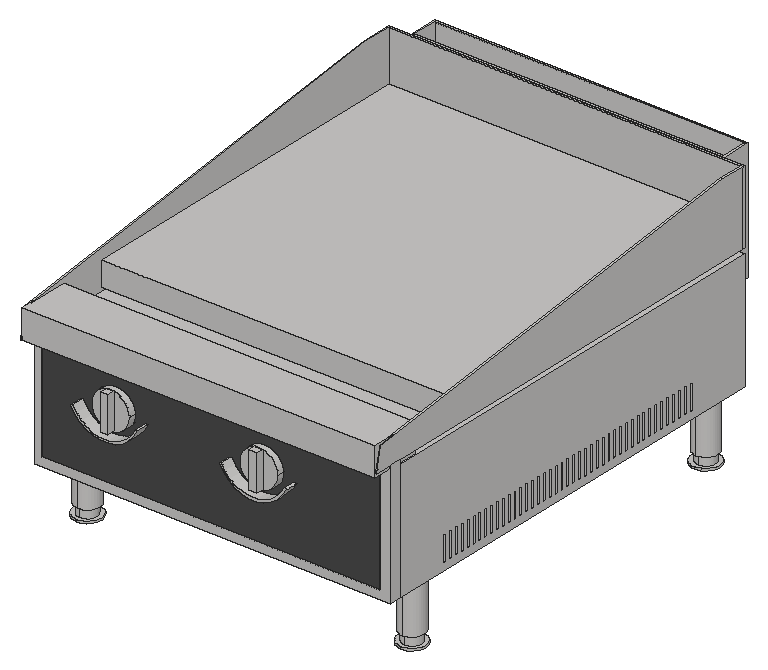
Revit family "QF_Vollrath_924GGM", category Specialty Equipment, Revit 2016
Family settings
  Part Type = Normal
  Round Connector Dimension = Use Diameter
  OmniClass Number = 23.40.40.14.17.21
  OmniClass Title = Grills
  Work Plane-Based = No
  Always vertical = Yes
  Cut with Voids When Loaded = No
  Shared = No
  Room Calculation Point = No
Parameters (values of type "924GGM")
  Width = 24.00"
  Weight in Pounds = 350
  Watermarked By = "http://revitwatermark.com"
  URL Cutsheet = ""
  URL = ""
  Status [instance] = ""
  Specification by User [instance] = ""
  Specification by Manufacturer [instance] = ""
  Serial Number [instance] = ""
  Seismic Rating [instance] = ""
  Revision Code [instance] = ""
  NAFEM Spec ID Number [instance] = ""
  Model = "924GGM"
  Mechanical Remarks [instance] = ""
  Mechanical Connection Type [instance] = ""
  Masterspec [instance] = ""
  Manufacturer = "Vollrath"
  Length = 31.00"
  Item Number [instance] = "-"
  Installed By [instance] = ""
  Height AFF [instance] = 36.00"
  Gas Size = 3/4"
  Gas RI Height [instance] = 0.00"
  Gas Input = 60000.0 Btu/h
  Gas Connection Height [instance] = Height AFF + 5.375"  # 41.375"
  Furnished By [instance] = ""
  Foodservice Equipment Identifier [instance] = yes
  Description = "Heavy-Duty Flat Top Gas Griddle"
  CSI MasterFormat = "11 44 00"
  Assembly Code = "E1090320"
Reference planes (in)
  plane 1: z = 0
  plane 2 "BOTTOM": z = 36
  plane 3 "LEFT CLEARANCE": x = -30.72076
  plane 4 "RIGHT CLEARANCE": x = 5.27924
  plane 5 "BACK CLEARANCE": y = 6
  plane 6 "Top of Legs": z = 40
  plane 7 "LEFT": x = -24.72076
  plane 8 "RIGHT": x = -0.72076
  plane 9 "BACK": y = 0
  plane 10: z = 39.75
  plane 11: z = 39.5
  plane 12: z = 41.5
  plane 13: y = -0.125
  plane 14: x = -24.59576
  plane 15 "Grease Trap": z = 48.375
  plane 16 "TOP": z = 53.375
  plane 17: y = -54.1
  plane 18: z = 37.04079
  plane 19: y = 1.5
  plane 20: z = 45.245
  plane 21: z = 45.4179
  plane 22: z = 50
  plane 23 "FRONT": y = -33
  plane 24: y = -29.62
  plane 25: y = -26.37
  plane 26: x = -0.84576
  plane 27: x = -1.46829
  plane 28: x = -2.0635
  plane 29: x = -2.0635
  plane 30: x = -12.72076
  plane 31: x = -12.72076
  plane 32: x = -6.22076
  plane 33: x = -24.59576
Forms (in)
  Extrusion 1, solid, material "QF_Finishes_Stainless Steel"
    sketch origin (0, -2, 36) x (0, 1, 0) y (-1, 0, 0)
      loop
        circle (-2, 23.59576) r 0.9375
    from 0 to 0.125
  Extrusion 2, solid, material "QF_Finishes_Stainless Steel"
    sketch origin (0, -2, 36) x (0, 1, 0) y (-1, 0, 0)
      loop
        circle (-2, 23.59576) r 0.625
    from 0.125 to 0.75
  Extrusion 3, solid, material "QF_Finishes_Stainless Steel"
    sketch origin (0, -2, 36) x (0, 1, 0) y (-1, 0, 0)
      loop
        circle (-2, 23.59576) r 0.8125
    from 0.75 to 4
  Extrusion 4, solid, material "QF_Finishes_Stainless Steel"
    sketch origin (33.375, -2, 36) x (0, 1, 0) y (-1, 0, 0)
      loop
        circle (-2, 35.09576) r 0.9375
    from 0 to 0.125
  Extrusion 5, solid, material "QF_Finishes_Stainless Steel"
    sketch origin (33.375, -2, 36) x (0, 1, 0) y (-1, 0, 0)
      loop
        circle (-2, 35.09576) r 0.625
    from 0.125 to 0.75
  Extrusion 6, solid, material "QF_Finishes_Stainless Steel"
    sketch origin (33.375, -2, 36) x (0, 1, 0) y (-1, 0, 0)
      loop
        circle (-2, 35.09576) r 0.8125
    from 0.75 to 4
  Extrusion 7, solid, material "QF_Finishes_Stainless Steel"
    sketch origin (33.375, -27.75, 36) x (0, 1, 0) y (-1, 0, 0)
      loop
        circle (-1, 35.09576) r 0.9375
    from 0 to 0.125
  Extrusion 8, solid, material "QF_Finishes_Stainless Steel"
    sketch origin (33.375, -27.75, 36) x (0, 1, 0) y (-1, 0, 0)
      loop
        circle (-1, 35.09576) r 0.625
    from 0.125 to 0.75
  Extrusion 9, solid, material "QF_Finishes_Stainless Steel"
    sketch origin (33.375, -27.75, 36) x (0, 1, 0) y (-1, 0, 0)
      loop
        circle (-1, 35.09576) r 0.8125
    from 0.75 to 4
  Extrusion 10, solid, material "QF_Finishes_Stainless Steel"
    sketch origin (0, -27.75, 36) x (0, 1, 0) y (-1, 0, 0)
      loop
        circle (-1, 23.59576) r 0.9375
    from 0 to 0.125
  Extrusion 11, solid, material "QF_Finishes_Stainless Steel"
    sketch origin (0, -27.75, 36) x (0, 1, 0) y (-1, 0, 0)
      loop
        circle (-1, 23.59576) r 0.625
    from 0.125 to 0.75
  Extrusion 12, solid, material "QF_Finishes_Stainless Steel"
    sketch origin (0, -27.75, 36) x (0, 1, 0) y (-1, 0, 0)
      loop
        circle (-1, 23.59576) r 0.8125
    from 0.75 to 4
  Extrusion 13, solid, material "QF_Finishes_Stainless Steel"
    sketch origin (0, -2, 36) x (0, 1, 0) y (-1, 0, 0)
      loop
        line (0, 24.72076) -> (-29.04599, 24.72076) -> (-29.04599, 0.72076) -> (0, 0.72076) -> (0, 24.72076)
    from 4 to 12.06
  Extrusion 14, solid, material "QF_Finishes_Black"
    sketch origin (0, -2, 0) x (1, 0, 0) y (0, 0, 1)
      loop
        line (-21.72076, 40) -> (-21.72076, 39.75) -> (-14.42076, 39.75) -> (-14.42076, 40) -> (-21.72076, 40)
    from 20.18353 to 29.04599
  Extrusion 15, solid, material "QF_Finishes_Black"
    sketch origin (0, -2, 0) x (1, 0, 0) y (0, 0, 1)
      loop
        line (-21.72076, 39.75) -> (-21.72076, 39.5) -> (-14.42076, 39.5) -> (-14.42076, 39.75) -> (-21.72076, 39.75)
    from 20.18353 to 29.04599
  Extrusion 16, solid, material "QF_Finishes_Clearances", detail levels coarse
    sketch origin (0, 0, 36) x (0, 1, 0) y (-1, 0, 0)
      loop
        line (6, 30.72076) -> (-33, 30.72076) -> (-33, 24.72076) -> (6, 24.72076) -> (6, 30.72076)
    from 0 to 17.375
  Extrusion 17, solid, material "QF_Finishes_Clearances", detail levels coarse
    sketch origin (0, 0, 36) x (0, 1, 0) y (-1, 0, 0)
      loop
        line (6, 0.72076) -> (-33, 0.72076) -> (-33, -5.27924) -> (6, -5.27924) -> (6, 0.72076)
    from 0 to 17.375
  Extrusion 18, solid, material "QF_Finishes_Clearances", detail levels coarse
    sketch origin (0, 0, 36) x (0, 1, 0) y (-1, 0, 0)
      loop
        line (6, 24.72076) -> (0, 24.72076) -> (0, 0.72076) -> (6, 0.72076) -> (6, 24.72076)
    from 0 to 17.375
  Extrusion 19, solid, material "QF_Finishes_Stainless Steel"
    sketch origin (15.31103, -2, 0) x (1, 0, 0) y (0, 0, 1)
      loop
        circle (-21.53179, 41.5) r 0.375
    from -1.5 to 0
  Extrusion 20, solid, material "QF_Finishes_Stainless Steel"
    sketch origin (-36.59576, -2, 0) x (0, 1, 0) y (0, 0, 1)
      loop
        line (-30.61071, 49.91902) -> (-31.00644, 48.06) -> (0, 48.06) -> (0, 53.375) -> (-2.02013, 53.375) -> (-30.61071, 49.91902)
    from 11.875 to 12
  Extrusion 21, solid, material "QF_Finishes_Stainless Steel"
    sketch origin (-24.72076, -2, 0) x (0, 1, 0) y (0, 0, 1)
      loop
        line (-27.62, 48.06) -> (-27.62, 50) -> (-31, 50) -> (-31, 48.06) -> (-27.62, 48.06)
    from 0.125 to 23.875
  Extrusion 22, solid, material "QF_Finishes_Stainless Steel"
    sketch origin (0, -2, 0) x (1, 0, 0) y (0, 0, 1)
      loop
        line (-24.72076, 48.375) -> (-24.72076, 40) -> (-0.72076, 40) -> (-0.72076, 48.375) -> (-24.72076, 48.375)
      loop
        line (-24.21829, 47.84318) -> (-24.21829, 40.59949) -> (-1.46829, 40.59949) -> (-1.46829, 47.84318) -> (-24.21829, 47.84318)
    from 29.04599 to 29.79599
  Extrusion 23, solid, material "QF_Finishes_Stainless Steel"
    sketch origin (-12.72076, -2, 0) x (0, 1, 0) y (0, 0, 1)
      loop
        line (-30.61026, 49.89567) -> (-31, 48.375) -> (0, 48.375) -> (0, 53.375) -> (-1.85356, 53.375) -> (-30.61026, 49.89567)
    from 11.875 to 12
  Extrusion 24, solid, material "QF_Finishes_Stainless Steel"
    sketch origin (-24.72076, -2, 0) x (0, 1, 0) y (0, 0, 1)
      loop
        line (-0.125, 53.375) -> (-0.125, 48.375) -> (0, 48.375) -> (0, 53.375) -> (-0.125, 53.375)
    from 0 to 24
  Extrusion 25, solid, material "QF_Finishes_Black"
    sketch origin (0, -2, 0) x (1, 0, 0) y (0, 0, 1)
      loop
        line (-24.21829, 47.84318) -> (-24.21829, 40.59949) -> (-1.46829, 40.59949) -> (-1.46829, 47.84318) -> (-24.21829, 47.84318)
      loop
        circle (-19.29502, 45.36279) r 1.25
      loop
        circle (-9.29502, 45.36279) r 1.25
    from 29.04599 to 29.79599
  Extrusion 26, void
    sketch origin (-24.72076, -2, 0) x (0, 1, 0) y (0, 0, 1)
      loop
        line (-25.39258, 42.24738) -> (-25.39258, 40.49738) -> (-25.14258, 40.49738) -> (-25.14258, 42.24738) -> (-25.39258, 42.24738)
      loop
        line (-24.89258, 42.24738) -> (-24.89258, 40.49738) -> (-24.64258, 40.49738) -> (-24.64258, 42.24738) -> (-24.89258, 42.24738)
      loop
        line (-24.39258, 42.24738) -> (-24.39258, 40.49738) -> (-24.14258, 40.49738) -> (-24.14258, 42.24738) -> (-24.39258, 42.24738)
      loop
        line (-23.89258, 42.24738) -> (-23.89258, 40.49738) -> (-23.64258, 40.49738) -> (-23.64258, 42.24738) -> (-23.89258, 42.24738)
      loop
        line (-23.39258, 42.24738) -> (-23.39258, 40.49738) -> (-23.14258, 40.49738) -> (-23.14258, 42.24738) -> (-23.39258, 42.24738)
      loop
        line (-22.89258, 42.24738) -> (-22.89258, 40.49738) -> (-22.64258, 40.49738) -> (-22.64258, 42.24738) -> (-22.89258, 42.24738)
      loop
        line (-22.43353, 42.24738) -> (-22.43353, 40.49738) -> (-22.18353, 40.49738) -> (-22.18353, 42.24738) -> (-22.43353, 42.24738)
      loop
        line (-21.93353, 42.24738) -> (-21.93353, 40.49738) -> (-21.68353, 40.49738) -> (-21.68353, 42.24738) -> (-21.93353, 42.24738)
      loop
        line (-21.43353, 42.24738) -> (-21.43353, 40.49738) -> (-21.18353, 40.49738) -> (-21.18353, 42.24738) -> (-21.43353, 42.24738)
      loop
        line (-20.93353, 42.24738) -> (-20.93353, 40.49738) -> (-20.68353, 40.49738) -> (-20.68353, 42.24738) -> (-20.93353, 42.24738)
      loop
        line (-20.43353, 42.24738) -> (-20.43353, 40.49738) -> (-20.18353, 40.49738) -> (-20.18353, 42.24738) -> (-20.43353, 42.24738)
      loop
        line (-19.93353, 42.24738) -> (-19.93353, 40.49738) -> (-19.68353, 40.49738) -> (-19.68353, 42.24738) -> (-19.93353, 42.24738)
      loop
        line (-19.47447, 42.24738) -> (-19.47447, 40.49738) -> (-19.22447, 40.49738) -> (-19.22447, 42.24738) -> (-19.47447, 42.24738)
      loop
        line (-18.97447, 42.24738) -> (-18.97447, 40.49738) -> (-18.72447, 40.49738) -> (-18.72447, 42.24738) -> (-18.97447, 42.24738)
      loop
        line (-18.47447, 42.24738) -> (-18.47447, 40.49738) -> (-18.22447, 40.49738) -> (-18.22447, 42.24738) -> (-18.47447, 42.24738)
      loop
        line (-17.97447, 42.24738) -> (-17.97447, 40.49738) -> (-17.72447, 40.49738) -> (-17.72447, 42.24738) -> (-17.97447, 42.24738)
      loop
        line (-17.47447, 42.24738) -> (-17.47447, 40.49738) -> (-17.22447, 40.49738) -> (-17.22447, 42.24738) -> (-17.47447, 42.24738)
      loop
        line (-16.97447, 42.24738) -> (-16.97447, 40.49738) -> (-16.72447, 40.49738) -> (-16.72447, 42.24738) -> (-16.97447, 42.24738)
      loop
        line (-16.51542, 42.24738) -> (-16.51542, 40.49738) -> (-16.26542, 40.49738) -> (-16.26542, 42.24738) -> (-16.51542, 42.24738)
      loop
        line (-16.01542, 42.24738) -> (-16.01542, 40.49738) -> (-15.76542, 40.49738) -> (-15.76542, 42.24738) -> (-16.01542, 42.24738)
      loop
        line (-15.51542, 42.24738) -> (-15.51542, 40.49738) -> (-15.26542, 40.49738) -> (-15.26542, 42.24738) -> (-15.51542, 42.24738)
      loop
        line (-15.01542, 42.24738) -> (-15.01542, 40.49738) -> (-14.76542, 40.49738) -> (-14.76542, 42.24738) -> (-15.01542, 42.24738)
      loop
        line (-14.51542, 42.24738) -> (-14.51542, 40.49738) -> (-14.26542, 40.49738) -> (-14.26542, 42.24738) -> (-14.51542, 42.24738)
      loop
        line (-14.01542, 42.24738) -> (-14.01542, 40.49738) -> (-13.76542, 40.49738) -> (-13.76542, 42.24738) -> (-14.01542, 42.24738)
      loop
        line (-13.55636, 42.24738) -> (-13.55636, 40.49738) -> (-13.30636, 40.49738) -> (-13.30636, 42.24738) -> (-13.55636, 42.24738)
      loop
        line (-13.05636, 42.24738) -> (-13.05636, 40.49738) -> (-12.80636, 40.49738) -> (-12.80636, 42.24738) -> (-13.05636, 42.24738)
      loop
        line (-12.55636, 42.24738) -> (-12.55636, 40.49738) -> (-12.30636, 40.49738) -> (-12.30636, 42.24738) -> (-12.55636, 42.24738)
      loop
        line (-12.05636, 42.24738) -> (-12.05636, 40.49738) -> (-11.80636, 40.49738) -> (-11.80636, 42.24738) -> (-12.05636, 42.24738)
      loop
        line (-11.55636, 42.24738) -> (-11.55636, 40.49738) -> (-11.30636, 40.49738) -> (-11.30636, 42.24738) -> (-11.55636, 42.24738)
      loop
        line (-11.05636, 42.24738) -> (-11.05636, 40.49738) -> (-10.80636, 40.49738) -> (-10.80636, 42.24738) -> (-11.05636, 42.24738)
      loop
        line (-10.59731, 42.24738) -> (-10.59731, 40.49738) -> (-10.34731, 40.49738) -> (-10.34731, 42.24738) -> (-10.59731, 42.24738)
      loop
        line (-10.09731, 42.24738) -> (-10.09731, 40.49738) -> (-9.84731, 40.49738) -> (-9.84731, 42.24738) -> (-10.09731, 42.24738)
      loop
        line (-9.59731, 42.24738) -> (-9.59731, 40.49738) -> (-9.34731, 40.49738) -> (-9.34731, 42.24738) -> (-9.59731, 42.24738)
      loop
        line (-9.09731, 42.24738) -> (-9.09731, 40.49738) -> (-8.84731, 40.49738) -> (-8.84731, 42.24738) -> (-9.09731, 42.24738)
      loop
        line (-8.63825, 42.24738) -> (-8.63825, 40.49738) -> (-8.38825, 40.49738) -> (-8.38825, 42.24738) -> (-8.63825, 42.24738)
      loop
        line (-8.13825, 42.24738) -> (-8.13825, 40.49738) -> (-7.88825, 40.49738) -> (-7.88825, 42.24738) -> (-8.13825, 42.24738)
      loop
        line (-7.63825, 42.24738) -> (-7.63825, 40.49738) -> (-7.38825, 40.49738) -> (-7.38825, 42.24738) -> (-7.63825, 42.24738)
      loop
        line (-7.13825, 42.24738) -> (-7.13825, 40.49738) -> (-6.88825, 40.49738) -> (-6.88825, 42.24738) -> (-7.13825, 42.24738)
      loop
        line (-6.63825, 42.24738) -> (-6.63825, 40.49738) -> (-6.38825, 40.49738) -> (-6.38825, 42.24738) -> (-6.63825, 42.24738)
      loop
        line (-6.13825, 42.24738) -> (-6.13825, 40.49738) -> (-5.88825, 40.49738) -> (-5.88825, 42.24738) -> (-6.13825, 42.24738)
      loop
        line (-5.63825, 42.24738) -> (-5.63825, 40.49738) -> (-5.38825, 40.49738) -> (-5.38825, 42.24738) -> (-5.63825, 42.24738)
      loop
        line (-5.13825, 42.24738) -> (-5.13825, 40.49738) -> (-4.88825, 40.49738) -> (-4.88825, 42.24738) -> (-5.13825, 42.24738)
      loop
        line (-4.63825, 42.24738) -> (-4.63825, 40.49738) -> (-4.38825, 40.49738) -> (-4.38825, 42.24738) -> (-4.63825, 42.24738)
    from 23.67052 to 24
  Extrusion 27, void
    sketch origin (-48.47076, -2, 0) x (0, 1, 0) y (0, 0, 1)
      loop
        line (-25.39258, 42.24738) -> (-25.39258, 40.49738) -> (-25.14258, 40.49738) -> (-25.14258, 42.24738) -> (-25.39258, 42.24738)
      loop
        line (-24.89258, 42.24738) -> (-24.89258, 40.49738) -> (-24.64258, 40.49738) -> (-24.64258, 42.24738) -> (-24.89258, 42.24738)
      loop
        line (-24.39258, 42.24738) -> (-24.39258, 40.49738) -> (-24.14258, 40.49738) -> (-24.14258, 42.24738) -> (-24.39258, 42.24738)
      loop
        line (-23.89258, 42.24738) -> (-23.89258, 40.49738) -> (-23.64258, 40.49738) -> (-23.64258, 42.24738) -> (-23.89258, 42.24738)
      loop
        line (-23.39258, 42.24738) -> (-23.39258, 40.49738) -> (-23.14258, 40.49738) -> (-23.14258, 42.24738) -> (-23.39258, 42.24738)
      loop
        line (-22.89258, 42.24738) -> (-22.89258, 40.49738) -> (-22.64258, 40.49738) -> (-22.64258, 42.24738) -> (-22.89258, 42.24738)
      loop
        line (-22.43353, 42.24738) -> (-22.43353, 40.49738) -> (-22.18353, 40.49738) -> (-22.18353, 42.24738) -> (-22.43353, 42.24738)
      loop
        line (-21.93353, 42.24738) -> (-21.93353, 40.49738) -> (-21.68353, 40.49738) -> (-21.68353, 42.24738) -> (-21.93353, 42.24738)
      loop
        line (-21.43353, 42.24738) -> (-21.43353, 40.49738) -> (-21.18353, 40.49738) -> (-21.18353, 42.24738) -> (-21.43353, 42.24738)
      loop
        line (-20.93353, 42.24738) -> (-20.93353, 40.49738) -> (-20.68353, 40.49738) -> (-20.68353, 42.24738) -> (-20.93353, 42.24738)
      loop
        line (-20.43353, 42.24738) -> (-20.43353, 40.49738) -> (-20.18353, 40.49738) -> (-20.18353, 42.24738) -> (-20.43353, 42.24738)
      loop
        line (-19.93353, 42.24738) -> (-19.93353, 40.49738) -> (-19.68353, 40.49738) -> (-19.68353, 42.24738) -> (-19.93353, 42.24738)
      loop
        line (-19.47447, 42.24738) -> (-19.47447, 40.49738) -> (-19.22447, 40.49738) -> (-19.22447, 42.24738) -> (-19.47447, 42.24738)
      loop
        line (-18.97447, 42.24738) -> (-18.97447, 40.49738) -> (-18.72447, 40.49738) -> (-18.72447, 42.24738) -> (-18.97447, 42.24738)
      loop
        line (-18.47447, 42.24738) -> (-18.47447, 40.49738) -> (-18.22447, 40.49738) -> (-18.22447, 42.24738) -> (-18.47447, 42.24738)
      loop
        line (-17.97447, 42.24738) -> (-17.97447, 40.49738) -> (-17.72447, 40.49738) -> (-17.72447, 42.24738) -> (-17.97447, 42.24738)
      loop
        line (-17.47447, 42.24738) -> (-17.47447, 40.49738) -> (-17.22447, 40.49738) -> (-17.22447, 42.24738) -> (-17.47447, 42.24738)
      loop
        line (-16.97447, 42.24738) -> (-16.97447, 40.49738) -> (-16.72447, 40.49738) -> (-16.72447, 42.24738) -> (-16.97447, 42.24738)
      loop
        line (-16.51542, 42.24738) -> (-16.51542, 40.49738) -> (-16.26542, 40.49738) -> (-16.26542, 42.24738) -> (-16.51542, 42.24738)
      loop
        line (-16.01542, 42.24738) -> (-16.01542, 40.49738) -> (-15.76542, 40.49738) -> (-15.76542, 42.24738) -> (-16.01542, 42.24738)
      loop
        line (-15.51542, 42.24738) -> (-15.51542, 40.49738) -> (-15.26542, 40.49738) -> (-15.26542, 42.24738) -> (-15.51542, 42.24738)
      loop
        line (-15.01542, 42.24738) -> (-15.01542, 40.49738) -> (-14.76542, 40.49738) -> (-14.76542, 42.24738) -> (-15.01542, 42.24738)
      loop
        line (-14.51542, 42.24738) -> (-14.51542, 40.49738) -> (-14.26542, 40.49738) -> (-14.26542, 42.24738) -> (-14.51542, 42.24738)
      loop
        line (-14.01542, 42.24738) -> (-14.01542, 40.49738) -> (-13.76542, 40.49738) -> (-13.76542, 42.24738) -> (-14.01542, 42.24738)
      loop
        line (-13.55636, 42.24738) -> (-13.55636, 40.49738) -> (-13.30636, 40.49738) -> (-13.30636, 42.24738) -> (-13.55636, 42.24738)
      loop
        line (-13.05636, 42.24738) -> (-13.05636, 40.49738) -> (-12.80636, 40.49738) -> (-12.80636, 42.24738) -> (-13.05636, 42.24738)
      loop
        line (-12.55636, 42.24738) -> (-12.55636, 40.49738) -> (-12.30636, 40.49738) -> (-12.30636, 42.24738) -> (-12.55636, 42.24738)
      loop
        line (-12.05636, 42.24738) -> (-12.05636, 40.49738) -> (-11.80636, 40.49738) -> (-11.80636, 42.24738) -> (-12.05636, 42.24738)
      loop
        line (-11.55636, 42.24738) -> (-11.55636, 40.49738) -> (-11.30636, 40.49738) -> (-11.30636, 42.24738) -> (-11.55636, 42.24738)
      loop
        line (-11.05636, 42.24738) -> (-11.05636, 40.49738) -> (-10.80636, 40.49738) -> (-10.80636, 42.24738) -> (-11.05636, 42.24738)
      loop
        line (-10.59731, 42.24738) -> (-10.59731, 40.49738) -> (-10.34731, 40.49738) -> (-10.34731, 42.24738) -> (-10.59731, 42.24738)
      loop
        line (-10.13825, 42.24738) -> (-10.13825, 40.49738) -> (-9.88825, 40.49738) -> (-9.88825, 42.24738) -> (-10.13825, 42.24738)
      loop
        line (-9.63825, 42.24738) -> (-9.63825, 40.49738) -> (-9.38825, 40.49738) -> (-9.38825, 42.24738) -> (-9.63825, 42.24738)
      loop
        line (-9.13825, 42.24738) -> (-9.13825, 40.49738) -> (-8.88825, 40.49738) -> (-8.88825, 42.24738) -> (-9.13825, 42.24738)
      loop
        line (-8.63825, 42.24738) -> (-8.63825, 40.49738) -> (-8.38825, 40.49738) -> (-8.38825, 42.24738) -> (-8.63825, 42.24738)
      loop
        line (-8.13825, 42.24738) -> (-8.13825, 40.49738) -> (-7.88825, 40.49738) -> (-7.88825, 42.24738) -> (-8.13825, 42.24738)
      loop
        line (-7.63825, 42.24738) -> (-7.63825, 40.49738) -> (-7.38825, 40.49738) -> (-7.38825, 42.24738) -> (-7.63825, 42.24738)
      loop
        line (-7.1792, 42.24738) -> (-7.1792, 40.49738) -> (-6.9292, 40.49738) -> (-6.9292, 42.24738) -> (-7.1792, 42.24738)
      loop
        line (-6.6792, 42.24738) -> (-6.6792, 40.49738) -> (-6.4292, 40.49738) -> (-6.4292, 42.24738) -> (-6.6792, 42.24738)
      loop
        line (-6.1792, 42.24738) -> (-6.1792, 40.49738) -> (-5.9292, 40.49738) -> (-5.9292, 42.24738) -> (-6.1792, 42.24738)
      loop
        line (-5.6792, 42.24738) -> (-5.6792, 40.49738) -> (-5.4292, 40.49738) -> (-5.4292, 42.24738) -> (-5.6792, 42.24738)
      loop
        line (-5.1792, 42.24738) -> (-5.1792, 40.49738) -> (-4.9292, 40.49738) -> (-4.9292, 42.24738) -> (-5.1792, 42.24738)
      loop
        line (-4.6792, 42.24738) -> (-4.6792, 40.49738) -> (-4.4292, 40.49738) -> (-4.4292, 42.24738) -> (-4.6792, 42.24738)
    from 23.67052 to 24
  Extrusion 28, solid, material "QF_Finishes_Stainless Steel"
    sketch origin (2.57168, -6, 0) x (1, 0, 0) y (0, 0, 1)
      loop
        circle (-21.79502, 45.36228) r 1.25
    from 25.04599 to 26.25
  Extrusion 29, solid, material "QF_Finishes_Stainless Steel"
    sketch origin (2.57168, -6, 0.03961) x (1, 0, 0) y (0, 0, 1)
      loop
        line (-22.04243, 46.57267) -> (-22.04243, 44.14715) -> (-21.60562, 44.14715) -> (-21.60562, 46.57267) -> (-22.04243, 46.57267)
    from 26.25 to 26.75
  Extrusion 30, solid, material "QF_Finishes_Stainless Steel"
    sketch origin (12.57168, -6, 0) x (1, 0, 0) y (0, 0, 1)
      loop
        circle (-21.79502, 45.36228) r 1.25
    from 25.04599 to 26.25
  Extrusion 31, solid, material "QF_Finishes_Stainless Steel"
    sketch origin (12.57168, -6, 0.03961) x (1, 0, 0) y (0, 0, 1)
      loop
        line (-22.10719, 46.57267) -> (-22.10719, 44.14715) -> (-21.55452, 44.14715) -> (-21.55452, 46.57267) -> (-22.10719, 46.57267)
    from 26.25 to 26.75
  Extrusion 32, solid, material "QF_Finishes_Stainless Steel", not visible
    sketch origin (0, 0, 0.25) x (1, 0, 0) y (0, 0, 1)
      loop
        circle (-24.02485, 46.05421) r 0.25
    from 0.125 to 25.04599
  Extrusion 33, solid, material "QF_Finishes_Stainless Steel", not visible
    sketch origin (0.8089, 0, 0.25) x (1, 0, 0) y (0, 0, 1)
      loop
        circle (-24.02485, 46.05421) r 0.25
    from 0.125 to 25.04599
  Extrusion 34, solid, material "QF_Finishes_Stainless Steel", not visible
    sketch origin (1.62977, 0, 0.25) x (1, 0, 0) y (0, 0, 1)
      loop
        circle (-24.02485, 46.05421) r 0.25
    from 0.24473 to 25.25
  Extrusion 35, solid, material "QF_Finishes_Stainless Steel", not visible
    sketch origin (2.43868, 0, 0.25) x (1, 0, 0) y (0, 0, 1)
      loop
        circle (-24.02485, 46.05421) r 0.25
    from 0.24473 to 25.04599
  Extrusion 36, solid, material "QF_Finishes_Stainless Steel", not visible
    sketch origin (3.25954, 0, 0.25) x (1, 0, 0) y (0, 0, 1)
      loop
        circle (-24.02485, 46.05421) r 0.25
    from 0.24473 to 25.04599
  Extrusion 37, solid, material "QF_Finishes_Stainless Steel", not visible
    sketch origin (4.06845, 0, 0.25) x (1, 0, 0) y (0, 0, 1)
      loop
        circle (-24.02485, 46.05421) r 0.25
    from 0.125 to 25.75
  Extrusion 38, solid, material "QF_Finishes_Stainless Steel", not visible
    sketch origin (4.88932, 0, 0.25) x (1, 0, 0) y (0, 0, 1)
      loop
        circle (-24.02485, 46.05421) r 0.25
    from 0.125 to 25.04599
  Extrusion 39, solid, material "QF_Finishes_Stainless Steel", not visible
    sketch origin (5.69822, 0, 0.25) x (1, 0, 0) y (0, 0, 1)
      loop
        circle (-24.02485, 46.05421) r 0.25
    from 0.125 to 25.75
  Extrusion 40, solid, material "QF_Finishes_Stainless Steel", not visible
    sketch origin (6.51909, 0, 0.25) x (1, 0, 0) y (0, 0, 1)
      loop
        circle (-24.02485, 46.05421) r 0.25
    from 0.125 to 25.04599
  Extrusion 41, solid, material "QF_Finishes_Stainless Steel", not visible
    sketch origin (7.32799, 0, 0.25) x (1, 0, 0) y (0, 0, 1)
      loop
        circle (-24.02485, 46.05421) r 0.25
    from 0 to 25.04599
  Extrusion 42, solid, material "QF_Finishes_Stainless Steel", not visible
    sketch origin (8.14886, 0, 0.25) x (1, 0, 0) y (0, 0, 1)
      loop
        circle (-24.02485, 46.05421) r 0.25
    from 0 to 25.04599
  Extrusion 43, solid, material "QF_Finishes_Stainless Steel", not visible
    sketch origin (8.95777, 0, 0.25) x (1, 0, 0) y (0, 0, 1)
      loop
        circle (-24.02485, 46.05421) r 0.25
    from 0 to 25.04599
  Extrusion 44, solid, material "QF_Finishes_Stainless Steel", not visible
    sketch origin (9.76477, 0, 0.25) x (1, 0, 0) y (0, 0, 1)
      loop
        circle (-24.02485, 46.05421) r 0.25
    from 0 to 25.04599
  Extrusion 45, solid, material "QF_Finishes_Stainless Steel", not visible
    sketch origin (10.57367, 0, 0.25) x (1, 0, 0) y (0, 0, 1)
      loop
        circle (-24.02485, 46.05421) r 0.25
    from 0 to 25.04599
  Extrusion 46, solid, material "QF_Finishes_Stainless Steel", not visible
    sketch origin (11.39454, 0, 0.25) x (1, 0, 0) y (0, 0, 1)
      loop
        circle (-24.02485, 46.05421) r 0.25
    from 0 to 25.04599
  Extrusion 47, solid, material "QF_Finishes_Stainless Steel", not visible
    sketch origin (12.26638, 0, 0.25) x (1, 0, 0) y (0, 0, 1)
      loop
        circle (-24.02485, 46.05421) r 0.25
    from 0 to 25.04599
  Extrusion 48, solid, material "QF_Finishes_Stainless Steel", not visible
    sketch origin (13.08724, 0, 0.25) x (1, 0, 0) y (0, 0, 1)
      loop
        circle (-24.02485, 46.05421) r 0.25
    from 0 to 25.04599
  Extrusion 49, solid, material "QF_Finishes_Stainless Steel", not visible
    sketch origin (13.89615, 0, 0.25) x (1, 0, 0) y (0, 0, 1)
      loop
        circle (-24.02485, 46.05421) r 0.25
    from 0 to 25.04599
  Extrusion 50, solid, material "QF_Finishes_Stainless Steel", not visible
    sketch origin (15.40006, 0, 0.25) x (1, 0, 0) y (0, 0, 1)
      loop
        circle (-30.52485, 46.05421) r 0.25
    from 0 to 25.04599
  Extrusion 51, solid, material "QF_Finishes_Stainless Steel", not visible
    sketch origin (16.22092, 0, 0.25) x (1, 0, 0) y (0, 0, 1)
      loop
        circle (-30.52485, 46.05421) r 0.25
    from 0 to 25.25
  Extrusion 52, solid, material "QF_Finishes_Stainless Steel", not visible
    sketch origin (17.09276, 0, 0.25) x (1, 0, 0) y (0, 0, 1)
      loop
        circle (-30.52485, 46.05421) r 0.25
    from 0 to 25.04599
  Extrusion 53, solid, material "QF_Finishes_Stainless Steel", not visible
    sketch origin (17.91363, 0, 0.25) x (1, 0, 0) y (0, 0, 1)
      loop
        circle (-30.52485, 46.05421) r 0.25
    from 0 to 25.04599
  Extrusion 54, solid, material "QF_Finishes_Stainless Steel", not visible
    sketch origin (18.72253, 0, 0.25) x (1, 0, 0) y (0, 0, 1)
      loop
        circle (-30.52485, 46.05421) r 0.25
    from 0 to 25.04599
  Extrusion 55, solid, material "QF_Finishes_Stainless Steel", not visible
    sketch origin (19.5434, 0, 0.25) x (1, 0, 0) y (0, 0, 1)
      loop
        circle (-30.52485, 46.05421) r 0.25
    from 0 to 25.04599
  Extrusion 56, solid, material "QF_Finishes_Stainless Steel", not visible
    sketch origin (20.3523, 0, 0.25) x (1, 0, 0) y (0, 0, 1)
      loop
        circle (-30.52485, 46.05421) r 0.25
    from 0 to 25.04599
  Extrusion 57, solid, material "QF_Finishes_Stainless Steel", not visible
    sketch origin (21.17317, 0, 0.25) x (1, 0, 0) y (0, 0, 1)
      loop
        circle (-30.52485, 46.05421) r 0.25
    from 0 to 25.04599
  Extrusion 58, solid, material "QF_Finishes_Stainless Steel", not visible
    sketch origin (21.98208, 0, 0.25) x (1, 0, 0) y (0, 0, 1)
      loop
        circle (-30.52485, 46.05421) r 0.25
    from 0 to 25.04599
  Extrusion 59, solid, material "QF_Finishes_Stainless Steel", not visible
    sketch origin (22.80294, 0, 0.25) x (1, 0, 0) y (0, 0, 1)
      loop
        circle (-30.52485, 46.05421) r 0.25
    from 0 to 25.25
  Extrusion 60, solid, material "QF_Finishes_Stainless Steel", not visible
    sketch origin (23.61185, 0, 0.25) x (1, 0, 0) y (0, 0, 1)
      loop
        circle (-30.52485, 46.05421) r 0.25
    from 0 to 25.04599
  Extrusion 61, solid, material "QF_Finishes_Stainless Steel", not visible
    sketch origin (24.43272, 0, 0.25) x (1, 0, 0) y (0, 0, 1)
      loop
        circle (-30.52485, 46.05421) r 0.25
    from 0 to 25.04599
  Extrusion 62, solid, material "QF_Finishes_Stainless Steel", not visible
    sketch origin (25.24162, 0, 0.25) x (1, 0, 0) y (0, 0, 1)
      loop
        circle (-30.52485, 46.05421) r 0.25
    from 0 to 25.75
  Extrusion 63, solid, material "QF_Finishes_Stainless Steel", not visible
    sketch origin (26.06249, 0, 0.25) x (1, 0, 0) y (0, 0, 1)
      loop
        circle (-30.52485, 46.05421) r 0.25
    from 0 to 25.04599
  Extrusion 64, solid, material "QF_Finishes_Stainless Steel", not visible
    sketch origin (32.58158, 0, 0.25) x (1, 0, 0) y (0, 0, 1)
      loop
        circle (-36.02485, 46.05421) r 0.25
    from 0 to 25.04599
  Extrusion 65, solid, material "QF_Finishes_Stainless Steel", not visible
    sketch origin (33.40244, 0, 0.25) x (1, 0, 0) y (0, 0, 1)
      loop
        circle (-36.02485, 46.05421) r 0.25
    from 0 to 25.04599
  Extrusion 66, solid, material "QF_Finishes_Stainless Steel", not visible
    sketch origin (34.21135, 0, 0.25) x (1, 0, 0) y (0, 0, 1)
      loop
        circle (-36.02485, 46.05421) r 0.25
    from 0 to 25.75
  Sweep 67, solid, material "QF_Finishes_Stainless Steel"
    path origin (0.82168, -32.63083, 0) x (1, 0, 0) y (0, 0, 1)
      loop
        arc (-22.40972, 45.02818) -> (-20.15972, 43.59334) -> (-17.90972, 45.02818) r 2.48155
    profile origin (-19.33805, -32.63083, 43.59334) x (0, 0, 1) y (0, -1, 0)
      loop
        line (0, 0) -> (0, -0.83484) -> (0.14592, -0.83484) -> (0.14592, 0) -> (0, 0)
  Sweep 68, solid, material "QF_Finishes_Stainless Steel"
    path origin (10.82168, -32.63083, 0) x (1, 0, 0) y (0, 0, 1)
      loop
        arc (-22.40972, 45.02818) -> (-20.15972, 43.59334) -> (-17.90972, 45.02818) r 2.48155
    profile origin (-9.33805, -32.63083, 43.59334) x (0, 0, 1) y (0, -1, 0)
      loop
        line (0, 0) -> (0, -0.83484) -> (0.14592, -0.83484) -> (0.14592, 0) -> (0, 0)
  Extrusion 69, solid, material "QF_Finishes_Stainless Steel"
    sketch origin (0, 0, 36) x (0, 1, 0) y (-1, 0, 0)
      loop
        line (0, 23.22076) -> (-2, 23.22076) -> (-2, 2.0635) -> (0, 2.0635) -> (0, 23.22076)
      loop
        line (-0.125, 23.09841) -> (-1.85689, 23.09841) -> (-1.85689, 2.22076) -> (-0.125, 2.22076) -> (-0.125, 23.09841)
    from 9.4179 to 17.375
  Extrusion 70, solid, material "QF_Finishes_Stainless Steel"
    sketch origin (0, 0, 36) x (0, 1, 0) y (-1, 0, 0)
      loop
        line (0, 23.22076) -> (-2, 23.22076) -> (-2, 2.0635) -> (0, 2.0635) -> (0, 23.22076)
    from 9.245 to 9.4179
  Extrusion 71, solid, material "QF_Finishes_Stainless Steel"
    sketch origin (-24.72076, 0, 0) x (0, 1, 0) y (0, 0, 1)
      loop
        line (-26.37, 50) -> (-26.37, 48.375) -> (-2.125, 48.375) -> (-2.125, 50) -> (-26.37, 50)
    from 0.125 to 23.875
  Extrusion 72, solid, material "QF_Finishes_Stainless Steel", not visible
    sketch origin (-2.02625, -6, 0) x (1, 0, 0) y (0, 0, 1)
      loop
        circle (-21.79502, 45.36228) r 1.25
    from 25.04599 to 26.25
  Extrusion 73, solid, material "QF_Finishes_Stainless Steel", not visible
    sketch origin (-2.02625, -6, 0.03961) x (1, 0, 0) y (0, 0, 1)
      loop
        line (-22.10719, 46.57267) -> (-22.10719, 44.14715) -> (-21.55452, 44.14715) -> (-21.55452, 46.57267) -> (-22.10719, 46.57267)
    from 26.25 to 26.75
  Extrusion 74, solid, material "QF_Finishes_Stainless Steel", not visible
    sketch origin (7.97375, -6, 0) x (1, 0, 0) y (0, 0, 1)
      loop
        circle (-21.79502, 45.36228) r 1.25
    from 25.04599 to 26.25
  Extrusion 75, solid, material "QF_Finishes_Stainless Steel", not visible
    sketch origin (7.97375, -6, 0.03961) x (1, 0, 0) y (0, 0, 1)
      loop
        line (-22.10719, 46.57267) -> (-22.10719, 44.14715) -> (-21.55452, 44.14715) -> (-21.55452, 46.57267) -> (-22.10719, 46.57267)
    from 26.25 to 26.75
  Sweep 76, solid, material "QF_Finishes_Stainless Steel", not visible
    path origin (-3.77625, -32.63083, 0) x (1, 0, 0) y (0, 0, 1)
      loop
        arc (-22.40972, 45.02818) -> (-20.15972, 43.59334) -> (-17.90972, 45.02818) r 2.48155
    profile origin (-23.93597, -32.63083, 43.59334) x (0, 0, 1) y (0, -1, 0)
      loop
        line (0, 0) -> (0, -0.83484) -> (0.14592, -0.83484) -> (0.14592, 0) -> (0, 0)
  Sweep 77, solid, material "QF_Finishes_Stainless Steel", not visible
    path origin (6.22375, -32.63083, 0) x (1, 0, 0) y (0, 0, 1)
      loop
        arc (-22.40972, 45.02818) -> (-20.15972, 43.59334) -> (-17.90972, 45.02818) r 2.48155
    profile origin (-13.93597, -32.63083, 43.59334) x (0, 0, 1) y (0, -1, 0)
      loop
        line (0, 0) -> (0, -0.83484) -> (0.14592, -0.83484) -> (0.14592, 0) -> (0, 0)
  Extrusion 78, solid, material "QF_Finishes_Black", not visible
    sketch origin (0, -2, 0) x (1, 0, 0) y (0, 0, 1)
      loop
        line (-24.21829, 47.84318) -> (-24.21829, 40.59949) -> (-1.46829, 40.59949) -> (-1.46829, 47.84318) -> (-24.21829, 47.84318)
      loop
        circle (-19.29502, 45.36279) r 1.25
      loop
        circle (-9.29502, 45.36279) r 1.25
    from 29.04599 to 29.79599
  Extrusion 79, solid, material "QF_Finishes_Stainless Steel", not visible
    sketch origin (2.57168, -6, 0) x (1, 0, 0) y (0, 0, 1)
      loop
        circle (-21.79502, 45.36228) r 1.25
    from 25.04599 to 26.25
  Extrusion 80, solid, material "QF_Finishes_Stainless Steel", not visible
    sketch origin (2.57168, -6, 0.03961) x (1, 0, 0) y (0, 0, 1)
      loop
        line (-22.04243, 46.57267) -> (-22.04243, 44.14715) -> (-21.60562, 44.14715) -> (-21.60562, 46.57267) -> (-22.04243, 46.57267)
    from 26.25 to 26.75
  Extrusion 81, solid, material "QF_Finishes_Stainless Steel", not visible
    sketch origin (12.57168, -6, 0) x (1, 0, 0) y (0, 0, 1)
      loop
        circle (-21.79502, 45.36228) r 1.25
    from 25.04599 to 26.25
  Extrusion 82, solid, material "QF_Finishes_Stainless Steel", not visible
    sketch origin (12.57168, -6, 0.03961) x (1, 0, 0) y (0, 0, 1)
      loop
        line (-22.10719, 46.57267) -> (-22.10719, 44.14715) -> (-21.55452, 44.14715) -> (-21.55452, 46.57267) -> (-22.10719, 46.57267)
    from 26.25 to 26.75
  Sweep 83, solid, material "QF_Finishes_Stainless Steel", not visible
    path origin (0.82168, -32.63083, 0) x (1, 0, 0) y (0, 0, 1)
      loop
        arc (-22.40972, 45.02818) -> (-20.15972, 43.59334) -> (-17.90972, 45.02818) r 2.48155
    profile origin (-19.33805, -32.63083, 43.59334) x (0, 0, 1) y (0, -1, 0)
      loop
        line (0, 0) -> (0, -0.83484) -> (0.14592, -0.83484) -> (0.14592, 0) -> (0, 0)
  Sweep 84, solid, material "QF_Finishes_Stainless Steel", not visible
    path origin (10.82168, -32.63083, 0) x (1, 0, 0) y (0, 0, 1)
      loop
        arc (-22.40972, 45.02818) -> (-20.15972, 43.59334) -> (-17.90972, 45.02818) r 2.48155
    profile origin (-9.33805, -32.63083, 43.59334) x (0, 0, 1) y (0, -1, 0)
      loop
        line (0, 0) -> (0, -0.83484) -> (0.14592, -0.83484) -> (0.14592, 0) -> (0, 0)
  Extrusion 85, solid, material "QF_Finishes_Stainless Steel", not visible
    sketch origin (0, -2, 0) x (1, 0, 0) y (0, 0, 1)
      loop
        line (-24.72076, 48.375) -> (-24.72076, 40) -> (-0.72076, 40) -> (-0.72076, 48.375) -> (-24.72076, 48.375)
      loop
        line (-24.21829, 47.84318) -> (-24.21829, 40.59949) -> (-1.46829, 40.59949) -> (-1.46829, 47.84318) -> (-24.21829, 47.84318)
    from 29.04599 to 29.79599
Cuts and joins
  Extrusion 26, Extrusion 27 cuts Extrusion 13
  Extrusion 26 cuts Extrusion 16
  Extrusion 27 cuts Extrusion 17
  joined: Extrusion 69, Extrusion 70
Lines and regions (in)
  symbolic lines, style "QF_Clearances", detail levels coarse
    curve 1: line (-30.72076, -31, 36) -> (-30.72076, 6, 36)
    curve 2: line (-30.72076, 6, 36) -> (-24.72076, 6, 36)
    curve 3: line (-24.72076, 6, 36) -> (-0.72076, 6, 36)
    curve 4: line (-0.72076, 6, 36) -> (5.27924, 6, 36)
    curve 5: line (5.27924, 6, 36) -> (5.27924, -31, 36)
  symbolic lines
    curve 6: line (-24.72076, -2, 36) -> (-0.72076, -2, 36)
    curve 7: line (-0.72076, -2, 36) -> (-0.72076, -29.62, 36)
    curve 8: line (-0.72076, -29.62, 36) -> (-24.72076, -29.62, 36)
    curve 9: line (-24.72076, -29.62, 36) -> (-24.72076, -2, 36)
    curve 10: line (-24.72076, -33, 36) -> (-0.72076, -33, 36)
    curve 14: line (-0.72076, -26.37, 36) -> (-24.72076, -26.37, 36)
    curve 19: line (-22.72076, -29.62, 48.375) -> (-22.72076, -26.37, 48.375)
  symbolic lines, style "QF_Clearances", detail levels coarse+fine
    curve 11: line (-14.42076, -33, 36) -> (-14.42076, -54.1, 36)
    curve 12: line (-14.42076, -54.1, 36) -> (-21.82076, -54.1, 36)
    curve 13: line (-21.82076, -54.1, 36) -> (-21.82076, -33, 36)
  symbolic lines, style "SpecialityEquipment"
    curve 15: line (-2.0635, -2, 36) -> (-2.0635, 0, 36)
    curve 16: line (-2.0635, 0, 36) -> (-23.22076, 0, 36)
    curve 17: line (-23.22076, 0, 36) -> (-23.22076, -2, 36)
  model lines
    curve 18: line (-22.72076, -26.37, 48.375) -> (-22.72076, -29.62, 48.375)
    curve 20: line (-18.72545, -26.39258, 48.375) -> (-18.72545, -29.64258, 48.375)
Dimensions and locks (in)
  "Height AFF": plane 2 "BOTTOM" to level
  plane 3 "LEFT CLEARANCE" to plane 7 "LEFT" = 6.00"
  locked: plane 8 "RIGHT" to plane 4 "RIGHT CLEARANCE" at 6
  plane 5 "BACK CLEARANCE" to plane 9 "BACK" = 6.00"
  locked: Extrusion 19 sketch curve to plane 6 "Top of Legs" at 1.5
  locked: plane 6 "Top of Legs" to plane 2 "BOTTOM" at 4
  locked: plane 10 to plane 11 at 0.25
  locked: plane 6 "Top of Legs" to plane 10 at 0.25
  plane 12 to plane 6 "Top of Legs" = 1.50"
  plane 17 to Extrusion 21 = 21.10"
  locked: plane 22 to plane 15 "Grease Trap" at 1.625
  locked: plane 16 "TOP" to plane 22 at 3.375
  locked: Extrusion 30 to plane 2 "BOTTOM" at 9.36228
  locked: plane 26 to plane 8 "RIGHT" at 0.125
  plane 26 to plane 8 "RIGHT" = 0.125"
  locked: plane 29 to plane 27 at 0.59522
  locked: plane 27 to plane 26 at 0.62253
  "Width": plane 7 "LEFT" to plane 8 "RIGHT"
  equal spacing: plane 7 "LEFT", plane 30, plane 8 "RIGHT"
  locked: plane 31 to plane 32 at 6.5
  locked: plane 21 to plane 20 at 0.1729
  locked: plane 16 "TOP" to plane 21 at 7.9571
  locked: plane 15 "Grease Trap" to plane 6 "Top of Legs" at 8.375
  aligned and locked: level to plane 1
  aligned and locked: Extrusion 16 to Extrusion 20
  aligned and locked: Extrusion 16 to Extrusion 18
  aligned and locked: Extrusion 16 to Extrusion 23
  aligned and locked: plane 16 "TOP" to Extrusion 16
  aligned and locked: Extrusion 13 to Extrusion 20
  aligned and locked: Extrusion 13 to Extrusion 21
  aligned and locked: Extrusion 17 to Extrusion 18
  aligned and locked: plane 21 to Extrusion 70
  aligned and locked: Extrusion 70 to plane 20
  aligned and locked: Extrusion 69 to Extrusion 70  (x2)
  aligned and locked: Extrusion 18 to Extrusion 69
  aligned and locked: Extrusion 71 sketch curve to plane 22
  aligned and locked: Extrusion 71 sketch curve to Extrusion 24
  aligned and locked: Extrusion 23 to plane 8 "RIGHT"
  aligned and locked: Extrusion 23 to Extrusion 21
  aligned and locked: Extrusion 24 to plane 8 "RIGHT"
  aligned and locked: Extrusion 22 to plane 8 "RIGHT"
  aligned and locked: Extrusion 25 to Extrusion 22
  aligned and locked: Extrusion 22 to plane 27
  aligned and locked: Extrusion 70 to curve 16
  aligned and locked: Extrusion 23 to plane 26
  aligned and locked: Extrusion 71 to Extrusion 21
  aligned: Extrusion 29 to Extrusion 15
Automatic sketch dimensions
  Extrusion 1 sketch curve to plane 13 = 3.875"
  plane 14 to Extrusion 1 sketch curve = 1.00"
  Extrusion 2 sketch curve to plane 13 = 3.875"
  plane 14 to Extrusion 2 sketch curve = 1.00"
  Extrusion 3 sketch curve to plane 13 = 3.875"
  plane 14 to Extrusion 3 sketch curve = 1.00"
  plane 14 to Extrusion 10 sketch curve = 1.00"
  plane 14 to Extrusion 11 sketch curve = 1.00"
  plane 14 to Extrusion 12 sketch curve = 1.00"
  Extrusion 16 sketch curve to plane 3 "LEFT CLEARANCE" = 0.00"
  Extrusion 16 sketch curve to plane 5 "BACK CLEARANCE" = 0.00"
  Extrusion 16 sketch curve to plane 7 "LEFT" = 0.00"
  plane 6 "Top of Legs" to Extrusion 26 sketch curve = 0.49738"  (x3)
  Extrusion 26 sketch curve to Extrusion 26 sketch curve = 0.25"  (x79)
  Extrusion 26 sketch curve to Extrusion 26 sketch curve = 0.20905"  (x6)
  Extrusion 26 sketch curve to Extrusion 26 sketch curve = 0.00"  (x82)
  plane 12 to Extrusion 26 sketch curve = 0.74738"
  plane 6 "Top of Legs" to Extrusion 27 sketch curve = 0.49738"  (x3)
  Extrusion 27 sketch curve to Extrusion 27 sketch curve = 0.25"  (x78)
  Extrusion 27 sketch curve to Extrusion 27 sketch curve = 0.20905"  (x7)
  Extrusion 27 sketch curve to Extrusion 27 sketch curve = 0.00"  (x82)
  plane 12 to Extrusion 27 sketch curve = 0.74738"
  plane 17 to Extrusion 10 sketch curve = 25.35"
  plane 17 to Extrusion 11 sketch curve = 25.35"
  plane 17 to Extrusion 12 sketch curve = 25.35"
  plane 17 to Extrusion 16 sketch curve = 21.10"
  plane 17 to Extrusion 26 sketch curve = 26.70742"
  plane 17 to Extrusion 27 sketch curve = 26.70742"
  Extrusion 29 sketch curve to Extrusion 29 sketch curve = 0.43681"
  Extrusion 30 sketch curve to Extrusion 30 sketch curve = 1.25"
  Extrusion 31 sketch curve to Extrusion 31 sketch curve = 0.55267"
  profile plane to Sweep 67 sketch curve = 0.00"
  Sweep 67 sketch curve to profile plane = 0.00"
  Sweep 67 sketch curve to Sweep 67 sketch curve = 0.14592"
  Sweep 67 sketch curve to Sweep 67 sketch curve = 0.83484"
  Sweep 68 sketch curve to Sweep 68 sketch curve = 2.25"  (x2)
  profile plane to Sweep 68 sketch curve = 0.00"
  Sweep 68 sketch curve to profile plane = 0.00"
  Sweep 68 sketch curve to Sweep 68 sketch curve = 0.14592"
  Sweep 68 sketch curve to Sweep 68 sketch curve = 0.83484"
  Extrusion 28 sketch curve to Extrusion 28 sketch curve = 1.25"
  Extrusion 29 sketch curve to Extrusion 29 sketch curve = 2.42552"
  Extrusion 31 sketch curve to Extrusion 31 sketch curve = 2.42552"
  Sweep 67 sketch curve to Sweep 67 sketch curve = 2.25"  (x2)
  Sweep 67 sketch curve to Sweep 67 sketch curve = 1.04671"
  Sweep 68 sketch curve to Sweep 68 sketch curve = 1.04671"
  Extrusion 73 sketch curve to Extrusion 73 sketch curve = 0.55267"
  Extrusion 74 sketch curve to Extrusion 74 sketch curve = 1.25"
  Extrusion 75 sketch curve to Extrusion 75 sketch curve = 0.55267"
  profile plane to Sweep 76 sketch curve = 0.00"
  Sweep 76 sketch curve to profile plane = 0.00"
  Sweep 76 sketch curve to Sweep 76 sketch curve = 0.14592"
  Sweep 76 sketch curve to Sweep 76 sketch curve = 0.83484"
  Sweep 77 sketch curve to Sweep 77 sketch curve = 2.25"  (x2)
  profile plane to Sweep 77 sketch curve = 0.00"
  Sweep 77 sketch curve to profile plane = 0.00"
  Sweep 77 sketch curve to Sweep 77 sketch curve = 0.14592"
  Sweep 77 sketch curve to Sweep 77 sketch curve = 0.83484"
  Extrusion 72 sketch curve to Extrusion 72 sketch curve = 1.25"
  Extrusion 73 sketch curve to Extrusion 73 sketch curve = 2.42552"
  Extrusion 75 sketch curve to Extrusion 75 sketch curve = 2.42552"
  Sweep 76 sketch curve to Sweep 76 sketch curve = 2.25"  (x2)
  Sweep 76 sketch curve to Sweep 76 sketch curve = 1.04671"
  Sweep 77 sketch curve to Sweep 77 sketch curve = 1.04671"
  Extrusion 72 sketch curve to Extrusion 72 sketch curve = 0.00"  (x2)
  Extrusion 74 sketch curve to Extrusion 74 sketch curve = 0.00"  (x2)
  Extrusion 19 sketch curve to plane 32 = 0.00"
  plane 27 to Extrusion 4 sketch curve = 0.25247"
  Extrusion 4 sketch curve to plane 13 = 3.875"
  plane 27 to Extrusion 5 sketch curve = 0.25247"
  Extrusion 5 sketch curve to plane 13 = 3.875"
  plane 27 to Extrusion 6 sketch curve = 0.25247"
  Extrusion 6 sketch curve to plane 13 = 3.875"
  plane 27 to Extrusion 7 sketch curve = 0.25247"
  Extrusion 7 sketch curve to plane 24 = 0.87"
  plane 27 to Extrusion 8 sketch curve = 0.25247"
  Extrusion 8 sketch curve to plane 24 = 0.87"
  plane 27 to Extrusion 9 sketch curve = 0.25247"
  Extrusion 9 sketch curve to plane 24 = 0.87"
  curve 11 to plane 17 = 0.00"
  curve 10 to plane 7 "LEFT" = 0.00"
  plane 23 "FRONT" to curve 10 = 0.00"
  curve 5 to plane 4 "RIGHT CLEARANCE" = 0.00"
  curve 1 to plane 3 "LEFT CLEARANCE" = 0.00"
  curve 8 to plane 7 "LEFT" = 0.00"
  plane 24 to curve 8 = 0.00"
  curve 14 to plane 8 "RIGHT" = 0.00"
  plane 25 to curve 14 = 0.00"
  curve 17 to plane 9 "BACK" = 0.00"
  curve 1 to plane 5 "BACK CLEARANCE" = 0.00"
  curve 4 to plane 8 "RIGHT" = 0.00"
  curve 10 to plane 8 "RIGHT" = 0.00"
  curve 3 to plane 7 "LEFT" = 0.00"
  plane 24 to curve 5 = 1.38"
  plane 24 to curve 1 = 1.38"
  curve 6 to plane 13 = 1.875"
  plane 30 to curve 11 = 1.70"
  plane 14 to curve 13 = 2.775"
  plane 14 to curve 17 = 1.375"
  Extrusion 13 sketch curve to plane 7 "LEFT" = 0.00"
  Extrusion 13 sketch curve to plane 8 "RIGHT" = 0.00"
  plane 24 to Extrusion 13 sketch curve = 1.42599"
  Extrusion 13 sketch curve to plane 13 = 1.875"
  Extrusion 14 sketch curve to plane 10 = 0.00"
  Extrusion 14 sketch curve to plane 6 "Top of Legs" = 0.00"
  plane 14 to Extrusion 14 sketch curve = 2.875"
  plane 30 to Extrusion 14 sketch curve = 1.70"
  Extrusion 15 sketch curve to plane 11 = 0.00"
  Extrusion 15 sketch curve to plane 10 = 0.00"
  plane 14 to Extrusion 15 sketch curve = 2.875"
  plane 30 to Extrusion 15 sketch curve = 1.70"
  Extrusion 17 sketch curve to plane 8 "RIGHT" = 0.00"
  plane 23 "FRONT" to Extrusion 17 sketch curve = 0.00"
  Extrusion 17 sketch curve to plane 5 "BACK CLEARANCE" = 0.00"
  Extrusion 17 sketch curve to plane 4 "RIGHT CLEARANCE" = 0.00"
  Extrusion 18 sketch curve to plane 7 "LEFT" = 0.00"
  Extrusion 18 sketch curve to plane 9 "BACK" = 0.00"
  Extrusion 18 sketch curve to plane 5 "BACK CLEARANCE" = 0.00"
  Extrusion 18 sketch curve to plane 8 "RIGHT" = 0.00"
  Extrusion 20 sketch curve to plane 15 "Grease Trap" = 0.315"
  Extrusion 20 sketch curve to plane 16 "TOP" = 0.00"
  plane 23 "FRONT" to Extrusion 20 sketch curve = 0.00644"
  Extrusion 20 sketch curve to plane 22 = 0.08098"
  Extrusion 20 sketch curve to plane 23 "FRONT" = 0.38929"
  Extrusion 20 sketch curve to plane 13 = 3.89513"
  Extrusion 20 sketch curve to plane 13 = 1.875"
  Extrusion 21 sketch curve to plane 15 "Grease Trap" = 0.315"
  Extrusion 21 sketch curve to plane 23 "FRONT" = 0.00"
  Extrusion 21 sketch curve to plane 22 = 0.00"
  Extrusion 21 sketch curve to plane 24 = 0.00"
  plane 14 to Extrusion 22 sketch curve = 0.37747"
  Extrusion 23 sketch curve to plane 15 "Grease Trap" = 0.00"
  Extrusion 23 sketch curve to plane 16 "TOP" = 0.00"
  plane 23 "FRONT" to Extrusion 23 sketch curve = 0.00"
  Extrusion 23 sketch curve to plane 23 "FRONT" = 0.38974"
  Extrusion 23 sketch curve to plane 13 = 3.72856"
  Extrusion 23 sketch curve to plane 13 = 1.875"
  Extrusion 23 sketch curve to plane 22 = 0.10433"
  Extrusion 24 sketch curve to plane 15 "Grease Trap" = 0.00"
  Extrusion 24 sketch curve to plane 16 "TOP" = 0.00"
  Extrusion 24 sketch curve to plane 13 = 2.00"
  Extrusion 24 sketch curve to Extrusion 24 sketch curve = 0.125"
  Extrusion 25 sketch curve to Extrusion 25 sketch curve = 1.25"  (x2)
  Extrusion 69 sketch curve to plane 28 = 0.00"
  Extrusion 69 sketch curve to plane 13 = 0.00"
  Extrusion 69 sketch curve to plane 9 "BACK" = 0.00"
  Extrusion 69 sketch curve to Extrusion 69 sketch curve = 1.73189"
  Extrusion 69 sketch curve to Extrusion 69 sketch curve = 0.14311"
  Extrusion 69 sketch curve to plane 28 = 0.15725"
  plane 14 to Extrusion 69 sketch curve = 1.49734"
  Extrusion 69 sketch curve to Extrusion 69 sketch curve = 0.12234"
  Extrusion 70 sketch curve to plane 28 = 0.00"
  Extrusion 70 sketch curve to plane 9 "BACK" = 0.00"
  Extrusion 70 sketch curve to plane 13 = 1.875"
  plane 14 to Extrusion 70 sketch curve = 1.375"
  Extrusion 71 sketch curve to plane 25 = 0.00"
  Extrusion 71 sketch curve to plane 13 = 2.00"
  plane 25 to curve 19 = 0.00"
  plane 24 to curve 19 = 0.00"
  plane 25 to curve 20 = 0.02258"
  plane 24 to curve 20 = 0.02258"
  plane 14 to curve 18 = 1.875"
  curve 18 to curve 20 = 3.99531"
  Extrusion 25 sketch curve to Extrusion 25 sketch curve = 3.67327"
  Extrusion 25 sketch curve to Extrusion 25 sketch curve = 7.50"
  Extrusion 25 sketch curve to Extrusion 25 sketch curve = 6.57673"
  Extrusion 25 sketch curve to Extrusion 25 sketch curve = 4.7633"  (x2)
  Extrusion 25 sketch curve to Extrusion 25 sketch curve = 2.48039"
  Extrusion 80 sketch curve to Extrusion 80 sketch curve = 0.43681"
  Extrusion 81 sketch curve to Extrusion 81 sketch curve = 1.25"
  Extrusion 82 sketch curve to Extrusion 82 sketch curve = 0.55267"
  profile plane to Sweep 83 sketch curve = 0.00"
  Sweep 83 sketch curve to profile plane = 0.00"
  Sweep 83 sketch curve to Sweep 83 sketch curve = 0.14592"
  Sweep 83 sketch curve to Sweep 83 sketch curve = 0.83484"
  Sweep 84 sketch curve to Sweep 84 sketch curve = 2.25"  (x2)
  profile plane to Sweep 84 sketch curve = 0.00"
  Sweep 84 sketch curve to profile plane = 0.00"
  Sweep 84 sketch curve to Sweep 84 sketch curve = 0.14592"
  Sweep 84 sketch curve to Sweep 84 sketch curve = 0.83484"
  Extrusion 79 sketch curve to Extrusion 79 sketch curve = 1.25"
  Extrusion 80 sketch curve to Extrusion 80 sketch curve = 2.42552"
  Extrusion 82 sketch curve to Extrusion 82 sketch curve = 2.42552"
  Sweep 83 sketch curve to Sweep 83 sketch curve = 2.25"  (x2)
  Sweep 83 sketch curve to Sweep 83 sketch curve = 1.04671"
  Sweep 84 sketch curve to Sweep 84 sketch curve = 1.04671"
  Extrusion 78 sketch curve to Extrusion 78 sketch curve = 1.25"  (x2)
  Extrusion 78 sketch curve to Extrusion 78 sketch curve = 3.67327"
  Extrusion 78 sketch curve to Extrusion 78 sketch curve = 7.50"
  Extrusion 78 sketch curve to Extrusion 78 sketch curve = 6.57673"
  Extrusion 78 sketch curve to Extrusion 78 sketch curve = 4.7633"  (x2)
  Extrusion 78 sketch curve to Extrusion 78 sketch curve = 2.48039"
  Extrusion 22 sketch curve to plane 14 = 0.125"
  Extrusion 22 sketch curve to Extrusion 22 sketch curve = 22.75"
  Extrusion 22 sketch curve to Extrusion 22 sketch curve = 0.74753"
  Extrusion 22 sketch curve to Extrusion 22 sketch curve = 0.59949"
  Extrusion 22 sketch curve to Extrusion 22 sketch curve = 7.24369"
  Extrusion 22 sketch curve to Extrusion 22 sketch curve = 0.53182"
  Extrusion 25 sketch curve to Extrusion 25 sketch curve = 0.00"  (x4)
  plane 14 to Extrusion 25 sketch curve = 0.37747"
  Extrusion 28 sketch curve to Extrusion 28 sketch curve = 0.00"  (x2)
  plane 14 to Extrusion 28 sketch curve = 4.12241"
  plane 14 to Extrusion 29 sketch curve = 5.125"
  Extrusion 30 sketch curve to Extrusion 30 sketch curve = 0.00"  (x2)
  plane 14 to Extrusion 30 sketch curve = 14.12241"
  plane 14 to Extrusion 31 sketch curve = 15.06024"
  plane 14 to Sweep 67 sketch curve = 3.00771"
  plane 14 to Sweep 68 sketch curve = 13.00771"
  Extrusion 78 sketch curve to Extrusion 78 sketch curve = 0.00"  (x4)
  plane 33 to Extrusion 78 sketch curve = 0.37747"
  Extrusion 79 sketch curve to Extrusion 79 sketch curve = 0.00"  (x2)
  plane 33 to Extrusion 79 sketch curve = 4.12241"
  plane 33 to Extrusion 80 sketch curve = 5.125"
  Extrusion 81 sketch curve to Extrusion 81 sketch curve = 0.00"  (x2)
  plane 33 to Extrusion 81 sketch curve = 14.12241"
  plane 33 to Extrusion 82 sketch curve = 15.06024"
  plane 33 to Sweep 83 sketch curve = 3.00771"
  plane 33 to Sweep 84 sketch curve = 13.00771"
  Extrusion 85 sketch curve to Extrusion 85 sketch curve = 0.50247"
  Extrusion 85 sketch curve to Extrusion 85 sketch curve = 22.75"
  Extrusion 85 sketch curve to Extrusion 85 sketch curve = 0.74753"
  Extrusion 85 sketch curve to Extrusion 85 sketch curve = 0.59949"
  Extrusion 85 sketch curve to Extrusion 85 sketch curve = 7.24369"
  Extrusion 85 sketch curve to Extrusion 85 sketch curve = 0.53182"
  radius of Extrusion 32 sketch curve = 0.25"
  radius of Extrusion 33 sketch curve = 0.25"
  radius of Extrusion 34 sketch curve = 0.25"
  radius of Extrusion 35 sketch curve = 0.25"
  radius of Extrusion 36 sketch curve = 0.25"
  radius of Extrusion 37 sketch curve = 0.25"
  radius of Extrusion 38 sketch curve = 0.25"
  radius of Extrusion 39 sketch curve = 0.25"
  radius of Extrusion 40 sketch curve = 0.25"
  radius of Extrusion 41 sketch curve = 0.25"
  radius of Extrusion 42 sketch curve = 0.25"
  radius of Extrusion 43 sketch curve = 0.25"
  radius of Extrusion 44 sketch curve = 0.25"
  radius of Extrusion 45 sketch curve = 0.25"
  radius of Extrusion 46 sketch curve = 0.25"
  radius of Extrusion 47 sketch curve = 0.25"
  radius of Extrusion 48 sketch curve = 0.25"
  radius of Extrusion 49 sketch curve = 0.25"
  radius of Extrusion 50 sketch curve = 0.25"
  radius of Extrusion 51 sketch curve = 0.25"
  radius of Extrusion 52 sketch curve = 0.25"
  radius of Extrusion 53 sketch curve = 0.25"
  radius of Extrusion 54 sketch curve = 0.25"
  radius of Extrusion 55 sketch curve = 0.25"
  radius of Extrusion 56 sketch curve = 0.25"
  radius of Extrusion 57 sketch curve = 0.25"
  radius of Extrusion 58 sketch curve = 0.25"
  radius of Extrusion 59 sketch curve = 0.25"
  radius of Extrusion 60 sketch curve = 0.25"
  radius of Extrusion 61 sketch curve = 0.25"
  radius of Extrusion 62 sketch curve = 0.25"
  radius of Extrusion 63 sketch curve = 0.25"
  radius of Extrusion 64 sketch curve = 0.25"
  radius of Extrusion 65 sketch curve = 0.25"
  radius of Extrusion 66 sketch curve = 0.25"
  radius of Extrusion 1 sketch curve = 0.9375"
  radius of Extrusion 2 sketch curve = 0.625"
  radius of Extrusion 3 sketch curve = 0.8125"
  radius of Extrusion 10 sketch curve = 0.9375"
  radius of Extrusion 11 sketch curve = 0.625"
  radius of Extrusion 12 sketch curve = 0.8125"
  radius of Extrusion 19 sketch curve = 0.375"
  radius of Extrusion 4 sketch curve = 0.9375"
  radius of Extrusion 5 sketch curve = 0.625"
  radius of Extrusion 6 sketch curve = 0.8125"
  radius of Extrusion 7 sketch curve = 0.9375"
  radius of Extrusion 8 sketch curve = 0.625"
  radius of Extrusion 9 sketch curve = 0.8125"
Connectors (in)
  piping at (-6.22076, -0.5, 41.5), diameter 0.75
    settings: on Extrusion 19, index 1, connector inside diameter 3/4", connector length 0.00", flow factor 0, pipe flow 0 GPM, pressure drop 0.00 psi, fitting loss kfactor 0, connector angle 0.00°, fixture units 0, engagement length 0.00", angle of deflection 0.00°, flow configuration 1, flow direction 1, fitting loss method 0, system type 22, joint type 0, gender type 0, connector reference index -1, connector utility 0, adjustable connector no, is connector primary yes, connector description "Gas Connection"
